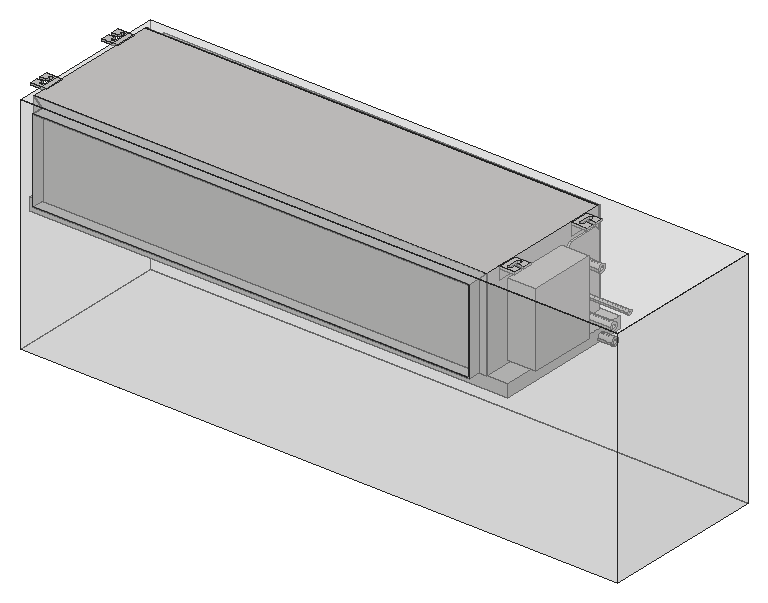
Revit family "outputfile", category 機械設備, Revit 2024
Family settings
  丸型コネクタ寸法 = 半径を使用
  パーツ タイプ = 標準
  OmniClass 番号 = 23.75.10.24.21.27.27
  OmniClass タイトル = Split System Air Conditioning Units
  作業面ベース = いいえ
  常に垂直 = はい
  ロード時にボイドで切り取り = いいえ
  注釈の向きを維持 = いいえ
  共有 = いいえ
  部屋計算ポイント = はい
Parameters (values of type "FDMRN60AXVL")
  Description = ""
  書き出し IFC クラス(タイプ) = "IfcUnitaryEquipmentType"
  定義済み IFC タイプ(タイプ) = "AIRCONDITIONINGUNIT"
  Cost = 0
  Type Comments = ""
  Keynote = ""
  Type Image = (empty or 0)
  Assembly Code = ""
  switch_unit1_50/60 = yes
  switch_frequency = yes
  lw_mountinghole = 19.5 mm  # constant formula
  lw_Supply Duct = if(or(Width = 1115 mm, Width = 999 mm), 0 mm, 20.5 mm)  # 20.5 mm
  lh_controlbox = if(or(Width = 1115 mm, Width = 999 mm), 44.5 mm, 39 mm)  # 39 mm
  lh_Supply Duct = if(or(Width = 1115 mm, Width = 999 mm), 242.5 mm, 136.5 mm)  # 136.5 mm
  lh_Return Duct = if(or(Width = 1115 mm, Width = 999 mm), 202.5 mm, 136.5 mm)  # 136.5 mm
  ld_mountinghole = if(or(Width = 1115 mm, Width = 999 mm), 128.5 mm, 112.5 mm)  # 112.5 mm
  ld_controlbox = if(or(Width = 1115 mm, Width = 999 mm), 176 mm, 93 mm)  # 93 mm
  l_powersupply = h_controlbox / 2  # 92.5 mm
  l_liquidpipe = if(or(Width = 1115 mm, Width = 999 mm), 22 mm, 122 mm)  # 122 mm
  l_gaspipe = if(or(Width = 1115 mm, Width = 999 mm), 39 mm, 52 mm)  # 52 mm
  l_drainpipe = if(or(Width = 1115 mm, Width = 999 mm), 39 mm, 85 mm)  # 85 mm
  w_controlbox = if(or(Width = 1115 mm, Width = 999 mm), 71 mm, 72 mm)  # 72 mm
  l_Supply Duct = if(or(Width = 1115 mm, Width = 999 mm), 39 mm, 30 mm)  # 30 mm
  l_Return Duct = if(or(Width = 1115 mm, Width = 999 mm), 40 mm, 30 mm)  # 30 mm
  h_controlbox = if(or(Width = 1115 mm, Width = 999 mm), 304 mm, 185 mm)  # 185 mm
  d2 = if(or(Width = 1115 mm, Width = 999 mm), 240.5 mm, 175.5 mm)  # 175.5 mm
  connector_voltage = 230 V
  connector_powerinput = [Power Input (Cooling)]  # 2.400 kW
  connector_phase = 1
  d_controlbox = if(or(Width = 1115 mm, Width = 999 mm), 119.5 mm, 168 mm)  # 168 mm
  W2 = if(Width = 1115 mm, 1055 mm, if(Width = 999 mm, 939 mm, if(Width = 1200 mm, 1200 mm, 1065 mm)))  # 1200 mm
  W1 = if(Width = 1115 mm, 516.5 mm, if(Width = 999 mm, 458.5 mm, if(Width = 1200 mm, 589 mm, 521.5 mm)))  # 589 mm
  W = if(Width = 1115 mm, 527.5 mm, if(Width = 999 mm, 469.5 mm, if(Width = 1200 mm, 600 mm, 532.5 mm)))  # 600 mm
  Voltage_comment_60Hz = "220"
  Voltage_60Hz = 220 V
  URL = ""
  Supply Air Direction [instance] = yes
  製造元 = "Daikin"
  モデル = "FDMRN60AXVL"
  r_Liquid Pipe Size = Liquid Pipe Size / 2  # 3.2 mm
  r_Gas Pipe Size = Gas Pipe Size / 2  # 7.95 mm
  r_Drain Pipe Size = Drain Pipe Size / 2  # 9.5 mm
  lw_powersupply = if(or(Width = 1115 mm, Width = 999 mm), C - W1 + 40 mm, C - W1 + 39 mm)  # 587 mm
  lw_Return Duct = if(or(Width = 1115 mm, Width = 999 mm), 0 mm, 20.5 mm)  # 20.5 mm
  ld_powersupply = if(or(Width = 1115 mm, Width = 999 mm), 73 mm, 46.5 mm)  # 46.5 mm
  Sound Power Level_H speed (dB) = 0
  Phase_60Hz = 1
  Minimum External Static Pressure = 0.00 Pa
  Minimum Circuit Amps_60Hz = 0.0 A
  Maximum Fuse Amps_60Hz = 0.0 A
  Maximum External Static Pressure = 0.00 Pa
  Material_Casing = DAIKIN_GalvanizedSteel_Casing_indoorunit
  lw_liquidpipe = C - W1 + l_liquidpipe  # 670 mm
  lw_gaspipe = C - W1 + l_gaspipe  # 600 mm
  lw_mountinghole_pitch = if(Width = 1115 mm, 1072 mm, if(Width = 999 mm, 956 mm, if(Width = 1200 mm, 1176 mm, 1041 mm)))  # 1176 mm
  lw_drainpipe = C - W1 + l_drainpipe  # 633 mm
  lh_powersupply = lh_controlbox + h_controlbox / 2  # 131.5 mm
  lh_liquidpipe = if(or(Width = 1115 mm, Width = 999 mm), 220 mm, 87 mm)  # 87 mm
  lh_gaspipe = if(or(Width = 1115 mm, Width = 999 mm), 160 mm, 161 mm)  # 161 mm
  lh_mountinghole = if(or(Width = 1115 mm, Width = 999 mm), 376 mm, 261 mm)  # 261 mm
  lh_drainpipe = if(or(Width = 1115 mm, Width = 999 mm), 33 mm, 43.5 mm)  # 43.5 mm
  l_antena = Height + 1 mm - lh_mountinghole  # 1 mm
  ld_liquidpipe = if(or(Width = 1115 mm, Width = 999 mm), 85 mm, 121 mm)  # 121 mm
  ld_gaspipe = if(or(Width = 1115 mm, Width = 999 mm), 85 mm, 121 mm)  # 121 mm
  ld_mountinghole_pitch = if(or(Width = 1115 mm, Width = 999 mm), 256 mm, 225 mm)  # 225 mm
  ld_drainpipe = if(or(Width = 1115 mm, Width = 999 mm), 105 mm, 117.005 mm)  # 117.005 mm
  h*** = 0 mm  # constant formula
  Width = 1200 mm
  Version = "ver.1.0"
  Unit Type = "Duct"
  Unit Mass Weight = 26.00 kg
  Unit Designation [instance] = ""
  Uniclass2015Version = "Products v1.30"
  Uniclass2015Title = "Split coil room air conditioning units"
  Uniclass2015Code = "Pr_70_65_03_86"
  Total Cooling Capacity [instance] = 0.000 kW
  Sound Pressure Level_M speed (dBA) = 40
  Sound Pressure Level_L speed (dBA) = 39
  Sound Pressure Level_H speed (dBA) = 42
  Series = "SkyAir_Fan Coil Unit"
  Sensible Cooling Capacity [instance] = 0.000 kW
  SA Duct Size Width = 1097 mm
  SA Duct Size Height = 211 mm
  Refrigerant Type = "R410A"
  RA Duct Size Width = 1097 mm
  RA Duct Size Height = 211 mm
  Power Input (Cooling) = 2.400 kW
  Option Accessory 3 [instance] = ""
  Option Accessory 2 [instance] = ""
  Option Accessory 1 [instance] = ""
  Nominal Cooling Capacity = 6.890 kW
  Minimum Airflow = 748.00 m³/h
  Median Airflow = 985.00 m³/h
  Maximum Airflow = 1172.00 m³/h
  Load Classification = HVAC
  Liquid Pipe Size = 6.4 mm
  Link_Nested Family [instance] = ""
  Liquid Pipe_r1 = if(or(Width = 1115 mm, Width = 999 mm), 4.675 mm, 3.175 mm)  # 3.175 mm
  Liquid Pipe_r = if(or(Width = 1115 mm, Width = 999 mm), 6.5 mm, 5 mm)  # 5 mm
  J = if(or(Width = 1115 mm, Width = 999 mm), 462 mm, 351 mm)  # 351 mm
  IfcVersion = ""
  IfcExportType = "AIRCONDITIONINGUNIT"
  IfcExportAs = "IfcUnitaryEquipmentType"
  Height = 261 mm
  Heat Exchanger Type = "Cross Fin Coil"
  Gas Pipe Size = 15.9 mm
  Frequency_60Hz = 60 Hz
  Fan Type = "Sirocco Fan"
  Fan Drive = "-"
  FCU Tag No. [instance] = ""
  Drain Pipe Size = 19.0 mm
  Design Supply Airflow [instance] = 0.00 m³/h
  Design Return Airflow [instance] = 0.00 m³/h
  Design External Static Pressure [instance] = 0.00 Pa
  Depth = 411 mm
  既定の高さ = 0 mm
  d1 = if(or(Width = 1115 mm, Width = 999 mm), 231.5 mm, 175.5 mm)  # 175.5 mm
  D2 = if(or(Width = 1115 mm, Width = 999 mm), 484 mm, 351 mm)  # 351 mm
  Cooling Entering Wet Bulb Temperature [instance] = 0.00 °C
  Cooling Entering Dry Bulb Temperature [instance] = 0.00 °C
  Cooling Ambient Wet Bulb Temperature [instance] = 0.00 °C
  Cooling Ambient Dry Bulb Temperature [instance] = 0.00 °C
  Clearance visibility [instance] = yes
  Clearance Top = 0 mm
  Clearance Right = 300 mm
  Clearance Rear = 0 mm
  Clearance Left = 0 mm
  Clearance Front = 0 mm
  Clearance Bottom = 300 mm
  C = if(Width = 1115 mm, 1033 mm, if(Width = 999 mm, 917 mm, if(Width = 1200 mm, 1137 mm, 1002 mm)))  # 1137 mm
  A = if(or(Width = 1115 mm, Width = 999 mm), 36 mm, 31 mm)  # 31 mm
  switch_unit2_71/100 = not([switch_unit1_50/60])  # no
Reference planes
  plane 1 "Center (Front/Back)": y = 0
  plane 2: z = 0
  plane 3 "Center (Left/Right)": x = 0
  plane 4 "Back": y = 205.5
  plane 5 "Front": y = -205.5
  plane 6 "Left": x = -600
  plane 7 "Right": x = 600
  plane 8 "Top": z = 0
  plane 9 "Bottom": z = -261
  plane 10 "lh_liquidpipe": z = -174
  plane 11 "lh_gaspipe": z = -100
  plane 12 "lw_mountinghole": x = -608.5
  plane 13 "lw_mountinghole3": x = 567.5
  plane 14 "lw_liquidpipe": x = 670
  plane 15 "lw_gaspipe": x = 600
  plane 16 "lh_mountinghole": z = 0
  plane 17 "Clearance Left": x = -600
  plane 18 "Clearance Right": x = 900
  plane 19 "Clearance Rear": y = 205.5
  plane 20 "Clearance Front": y = -205.5
  plane 21 "Clearance Bottom": z = -561
  plane 22 "lh_drainpipe": z = -217.5
  plane 23 "ld_gaspipe": y = 121
  plane 24 "ld_liquidpipe": y = 121
  plane 25 "ld_drainpipe": y = 117.005
  plane 26 "lw_drainpipe": x = 633
  plane 27 "ld_mountinghole1": y = 112.5
  plane 28 "ld_mountinghole": y = -112.5
  plane 29 "Clearance Top": z = 0
  plane 30 "lh_powersupply": z = -129.5
  plane 31 "ld_powersupply": y = -46.5
  plane 32 "箱_L": x = -589
  plane 33 "箱_R": x = 548
  plane 34 "箱_F": y = -175.5
  plane 35 "箱_後": y = 175.5
  plane 36 "A": z = -230
  plane 37: x = 600
  plane 38: y = -175.5
  plane 39: y = 175.5
  plane 40: y = 55.5
  plane 41: y = -112.5
  plane 42 "lh_box": z = -222
  plane 43 "lh_box1": z = -37
  plane 44 "l-box": x = 620
  plane 45 "lw_Supply Duct": x = -20.5
  plane 46 "lw_Return Duct": x = -20.5
  plane 47 "lh_Supply Duct": z = -124.5
  plane 48 "lh_Return Duct": z = -124.5
  plane 49 "lw_powersupply": x = 587
Forms (mm)
  Extrusion 1, solid, material "DAIKIN_GalvanizedSteel_Casing_indoorunit" <- "Material_Casing"
    sketch origin (0, 0, -230) x (-1, 0, 0) y (0, -1, 0)
      loop
        line (589, -175.5) -> (589, 175.5) -> (-548, 175.5) -> (-548, -175.5) -> (589, -175.5)
    from 0 to 230
  Extrusion 2, solid, material "DAIKIN_GalvanizedSteel_Casing_indoorunit" <- "Material_Casing"
    sketch origin (0, 0, -261) x (-1, 0, 0) y (0, -1, 0)
      loop
        line (600, -175.5) -> (600, 175.5) -> (-600, 175.5) -> (-600, -175.5) -> (600, -175.5)
    from 0 to 31
  Extrusion 3, solid, material "DAIKIN_GalvanizedSteel_Casing_indoorunit" <- "Material_Casing"
    sketch origin (0, 0, -222) x (-1, 0, 0) y (0, -1, 0)
      loop
        line (-548, -55.5) -> (-548, 112.5) -> (-620, 112.5) -> (-620, -55.5) -> (-548, -55.5)
    from 0 to 185
  Extrusion 4, solid, material "DAIKIN_GalvanizedSteel_Casing_indoorunit"
    sketch origin (548, 1296.25, 1200) x (0, 1, 0) y (0, 0, 1)
      loop
        circle (-1179.245, -1417.5) r 9.5
      loop
        circle (-1179.245, -1417.5) r 6.5
    from 0 to 85 <- "l_drainpipe"
  Extrusion 5, solid, material "DAIKIN_GalvanizedSteel_Casing_indoorunit" <- "Material_Casing"
    sketch origin (548, 1296.25, 1200) x (0, 1, 0) y (0, 0, 1)
      loop
        circle (-1175.25, -1300) r 9.95
      loop
        circle (-1175.25, -1300) r 6.35
    from 0 to 52 <- "l_gaspipe"
  Extrusion 6, solid, material "DAIKIN_GalvanizedSteel_Casing_indoorunit" <- "Material_Casing"
    sketch origin (548, 1296.25, 1200) x (0, 1, 0) y (0, 0, 1)
      loop
        circle (-1175.25, -1374) r 5
      loop
        circle (-1175.25, -1374) r 3.175
    from 0 to 122 <- "l_liquidpipe"
  Extrusion 7, solid, material "DAIKIN_GalvanizedSteel_Casing_indoorunit" <- "Material_Casing", visible <- "switch_unit2_71/100"
    sketch origin (548, 1296.25, 1200) x (0, 1, 0) y (0, 0, 1)
      loop
        arc (-1231.25, -1301) -> (-1211.25, -1321) -> (-1191.25, -1301) r 20
        line (-1191.25, -1301) -> (-1191.25, -1241)
        arc (-1191.25, -1241) -> (-1211.25, -1221) -> (-1231.25, -1241) r 20
        line (-1231.25, -1241) -> (-1231.25, -1301)
    from 0 to 0.8
  Extrusion 8, solid, material "DAIKIN_GalvanizedSteel_Casing_indoorunit" <- "Material_Casing", visible <- "switch_unit1_50/60"
    sketch origin (548, 1296.25, 1200) x (0, 1, 0) y (0, 0, 1)
      loop
        line (-1213.75, -1239) -> (-1223.75, -1249) -> (-1223.75, -1430) -> (-1188.75, -1430) -> (-1188.75, -1417.5)
        arc (-1188.75, -1417.5) -> (-1179.25, -1408) -> (-1169.75, -1417.5) r 9.5
        line (-1169.75, -1417.5) -> (-1169.75, -1430) -> (-1128.75, -1430) -> (-1128.75, -1249) -> (-1138.75, -1239) -> (-1213.75, -1239)
    from 0 to 7
  Extrusion 9, solid, material "DAIKIN_GalvanizedSteel_Casing_indoorunit" <- "Material_Casing", visible <- "switch_unit2_71/100"
    sketch origin (548, 1296.25, 1200) x (0, 1, 0) y (0, 0, 1)
      loop
        arc (-1144.75, -1094.5) -> (-1151.822, -1097.429) -> (-1154.75, -1104.5) r 10
        line (-1154.75, -1104.5) -> (-1154.75, -1164.5) -> (-1161.75, -1164.5) -> (-1161.75, -1194.5) -> (-1154.75, -1194.5) -> (-1154.75, -1329.5) -> (-1161.75, -1329.5) -> (-1161.75, -1359.5) -> (-1154.75, -1359.5) -> (-1154.75, -1413.5)
        arc (-1154.75, -1413.5) -> (-1151.822, -1420.571) -> (-1144.75, -1423.5) r 10
        line (-1144.75, -1423.5) -> (-1134.75, -1423.5)
        arc (-1134.75, -1423.5) -> (-1127.679, -1420.571) -> (-1124.75, -1413.5) r 10
        line (-1124.75, -1413.5) -> (-1124.75, -1104.5)
        arc (-1124.75, -1104.5) -> (-1127.679, -1097.429) -> (-1134.75, -1094.5) r 10
        line (-1134.75, -1094.5) -> (-1144.75, -1094.5)
    from 0 to 0.8
  Extrusion 10, solid, material "DAIKIN_GalvanizedSteel_Casing_indoorunit" <- "Material_Casing", visible <- "switch_unit1_50/60"
    sketch origin (600, 175.5, -261) x (0, -1, 0) y (0, 0, -1)
      loop
        circle (59.496, -11) r 9.5
      loop
        circle (59.496, -11) r 6.5
    from 0 to 37
  Extrusion 11, solid, material "DAIKIN_GalvanizedSteel_Casing_indoorunit" <- "Material_Casing", visible <- "switch_unit2_71/100"
    sketch origin (600, 175.5, -261) x (0, -1, 0) y (0, 0, -1)
      loop
        circle (130.5, -11) r 9.5
      loop
        circle (130.5, -11) r 6.5
    from 0 to 31
Dimensions and locks
  "Height": plane 8 "Top" to plane 9 "Bottom"
  "lw_mountinghole_pitch": plane 12 "lw_mountinghole" to plane 13 "lw_mountinghole3"
  "lh_liquidpipe": plane 10 "lh_liquidpipe" to plane 9 "Bottom"
  "lh_gaspipe": plane 11 "lh_gaspipe" to plane 9 "Bottom"
  "lh_mountinghole": plane 16 "lh_mountinghole" to plane 9 "Bottom"
  "Width": plane 6 "Left" to plane 7 "Right"
  "Clearance Right": plane 7 "Right" to plane 18 "Clearance Right"
  "Clearance Left": plane 17 "Clearance Left" to plane 6 "Left"
  "Clearance Rear": plane 19 "Clearance Rear" to plane 4 "Back"
  "Clearance Front": plane 5 "Front" to plane 20 "Clearance Front"
  "Depth": plane 4 "Back" to plane 5 "Front"
  equal spacing: plane 4 "Back", plane 1 "Center (Front/Back)", plane 5 "Front"
  "ld_mountinghole_pitch": plane 27 "ld_mountinghole1" to plane 28 "ld_mountinghole"
  "lw_liquidpipe": plane 3 "Center (Left/Right)" to plane 14 "lw_liquidpipe"
  "lw_gaspipe": plane 3 "Center (Left/Right)" to plane 15 "lw_gaspipe"
  "lw_drainpipe": plane 3 "Center (Left/Right)" to plane 26 "lw_drainpipe"
  "lh_drainpipe": plane 22 "lh_drainpipe" to plane 9 "Bottom"
  "Clearance Top": plane 29 "Clearance Top" to plane 8 "Top"
  "Clearance Bottom": plane 9 "Bottom" to plane 21 "Clearance Bottom"
  "lh_powersupply": plane 30 "lh_powersupply" to plane 9 "Bottom"
  "lw_mountinghole": plane 12 "lw_mountinghole" to plane 32 "箱_L"
  "W": plane 6 "Left" to plane 3 "Center (Left/Right)"
  "W1": plane 32 "箱_L" to plane 3 "Center (Left/Right)"
  "C": plane 32 "箱_L" to plane 33 "箱_R"
  "d1": plane 34 "箱_F" to plane 1 "Center (Front/Back)"
  "J": plane 35 "箱_後" to plane 34 "箱_F"
  "A": plane 36 "A" to plane 9 "Bottom"
  "D2": plane 39 to plane 38
  "W2": plane 6 "Left" to plane 37
  "d2": plane 1 "Center (Front/Back)" to plane 38
  "d_controlbox": plane 40 to plane 41
  "ld_controlbox": plane 41 to plane 5 "Front"
  "h_controlbox": plane 43 "lh_box1" to plane 42 "lh_box"
  "lh_controlbox": plane 42 "lh_box" to plane 9 "Bottom"
  "ld_drainpipe": plane 25 "ld_drainpipe" to plane 1 "Center (Front/Back)"
  "ld_gaspipe": plane 23 "ld_gaspipe" to plane 1 "Center (Front/Back)"
  "ld_liquidpipe": plane 1 "Center (Front/Back)" to plane 24 "ld_liquidpipe"
  plane 1 "Center (Front/Back)" to Extrusion 7 sketch curve to Extrusion 7 sketch curve = 65 mm locked, 40 mm locked
  Extrusion 7 sketch curve to Extrusion 7 sketch curve to plane 9 "Bottom" = 60 mm locked, 160 mm locked
  locked: Extrusion 8 sketch curve to plane 35 "箱_後" at 8
  locked: Extrusion 8 sketch curve to Extrusion 8 sketch curve at 95
  locked: Extrusion 8 sketch curve to Extrusion 8 sketch curve at 191
  locked: Extrusion 8 sketch curve to Extrusion 8 sketch curve at 10  (x4)
  locked: Extrusion 8 sketch curve to Extrusion 8 sketch curve at 19
  locked: Extrusion 8 sketch curve to plane 9 "Bottom" at 31
  locked: Extrusion 8 sketch curve to plane 9 "Bottom" at 43.5
  locked: Extrusion 8 sketch curve to Extrusion 8 sketch curve at 50.5
  locked: Extrusion 9 sketch curve to Extrusion 9 sketch curve at 30  (x2)
  locked: Extrusion 9 sketch curve to Extrusion 9 sketch curve at 64
  locked: Extrusion 9 sketch curve to Extrusion 9 sketch curve at 70
  locked: Extrusion 9 sketch curve to Extrusion 9 sketch curve at 329
  Extrusion 9 sketch curve to Extrusion 9 sketch curve to Extrusion 9 sketch curve = 7 mm locked, 30 mm locked
  locked: Extrusion 9 sketch curve to plane 35 "箱_後" at 4
  locked: Extrusion 9 sketch curve to plane 9 "Bottom" at 37.5
  "w_controlbox": plane 33 "箱_R" to plane 44 "l-box"
  "h***": plane 8 "Top" to plane 2
  "ld_mountinghole": plane 28 "ld_mountinghole" to plane 1 "Center (Front/Back)"
  "lw_Supply Duct": plane 46 "lw_Return Duct" to plane 3 "Center (Left/Right)"
  "lw_Return Duct": plane 45 "lw_Supply Duct" to plane 3 "Center (Left/Right)"
  "lh_Supply Duct": plane 47 "lh_Supply Duct" to plane 9 "Bottom"
  "lh_Return Duct": plane 48 "lh_Return Duct" to plane 9 "Bottom"
  "ld_powersupply": plane 1 "Center (Front/Back)" to plane 31 "ld_powersupply"
  locked: Extrusion 10 sketch curve to plane 9 "Bottom" at 11  (x2)
  locked: plane 1 "Center (Front/Back)" to Extrusion 10 sketch curve at 116.004  (x2)
  locked: plane 1 "Center (Front/Back)" to Extrusion 11 sketch curve at 45  (x2)
  locked: Extrusion 11 sketch curve to plane 9 "Bottom" at 11  (x2)
  "lw_powersupply": plane 3 "Center (Left/Right)" to plane 49 "lw_powersupply"
  "Liquid Pipe_r": radius of Extrusion 6 sketch curve
  "Liquid Pipe_r1": radius of Extrusion 6 sketch curve
  radius of Extrusion 9 sketch curve = 10 mm  (x4)
  aligned and locked: level to plane 2
  aligned and locked: plane 19 "Clearance Rear" to nested 1
  aligned and locked: plane 18 "Clearance Right" to nested 1
  aligned and locked: plane 17 "Clearance Left" to nested 1
  aligned and locked: nested 1 to plane 20 "Clearance Front"
  aligned and locked: plane 29 "Clearance Top" to nested 1
  aligned and locked: nested 1 to plane 21 "Clearance Bottom"
  aligned and locked: plane 32 "箱_L" to Extrusion 1 sketch curve
  aligned and locked: Extrusion 1 sketch curve to plane 33 "箱_R"
  aligned and locked: plane 34 "箱_F" to Extrusion 1 sketch curve
  aligned and locked: Extrusion 1 sketch curve to plane 35 "箱_後"
  aligned and locked: Extrusion 1 to plane 36 "A"
  aligned and locked: plane 8 "Top" to Extrusion 1
  aligned and locked: plane 6 "Left" to Extrusion 2 sketch curve
  aligned and locked: Extrusion 2 sketch curve to plane 37
  aligned and locked: Extrusion 2 sketch curve to plane 39
  aligned and locked: plane 38 to Extrusion 2 sketch curve
  aligned and locked: Extrusion 2 to plane 9 "Bottom"
  aligned and locked: plane 36 "A" to Extrusion 2
  aligned and locked: plane 12 "lw_mountinghole" to nested 3
  aligned and locked: plane 12 "lw_mountinghole" to nested 2
  aligned and locked: nested 4 to plane 13 "lw_mountinghole3"
  aligned and locked: nested 5 to plane 13 "lw_mountinghole3"
  aligned and locked: plane 27 "ld_mountinghole1" to nested 5
  aligned and locked: nested 2 to plane 27 "ld_mountinghole1"
  aligned and locked: plane 28 "ld_mountinghole" to nested 4
  aligned and locked: nested 3 to plane 28 "ld_mountinghole"
  aligned and locked: plane 33 "箱_R" to Extrusion 3 sketch curve
  aligned and locked: plane 41 to Extrusion 3 sketch curve
  aligned and locked: Extrusion 3 sketch curve to plane 40
  aligned and locked: Extrusion 3 to plane 42 "lh_box"
  aligned and locked: plane 43 "lh_box1" to Extrusion 3
  aligned and locked: plane 16 "lh_mountinghole" to nested 4
  aligned and locked: plane 16 "lh_mountinghole" to nested 5
  aligned and locked: plane 16 "lh_mountinghole" to nested 3
  aligned and locked: plane 16 "lh_mountinghole" to nested 2
  aligned and locked: plane 22 "lh_drainpipe" to Extrusion 4 sketch curve  (x2)
  aligned and locked: Extrusion 4 sketch curve to plane 25 "ld_drainpipe"  (x2)
  aligned and locked: Extrusion 5 sketch curve to plane 11 "lh_gaspipe"  (x2)
  aligned and locked: Extrusion 5 sketch curve to plane 23 "ld_gaspipe"  (x2)
  aligned and locked: Extrusion 5 to plane 33 "箱_R"
  aligned and locked: Extrusion 6 sketch curve to plane 10 "lh_liquidpipe"  (x2)
  aligned and locked: Extrusion 6 sketch curve to plane 24 "ld_liquidpipe"  (x2)
  aligned and locked: Extrusion 8 sketch curve to Extrusion 8 sketch curve
  aligned and locked: plane 3 "Center (Left/Right)" to nested 6
  aligned and locked: nested 6 to plane 34 "箱_F"
  aligned and locked: plane 9 "Bottom" to nested 6
  aligned and locked: plane 3 "Center (Left/Right)" to nested 7
  aligned and locked: nested 7 to plane 35 "箱_後"
  aligned and locked: plane 9 "Bottom" to nested 7
  aligned and locked: Extrusion 9 sketch curve to Extrusion 9 sketch curve  (x3)
  aligned and locked: Extrusion 3 sketch curve to plane 44 "l-box"
  aligned and locked: nested 8 to plane 34 "箱_F"
  aligned and locked: plane 45 "lw_Supply Duct" to nested 8
  aligned and locked: plane 47 "lh_Supply Duct" to nested 8
  aligned and locked: plane 35 "箱_後" to nested 9
  aligned and locked: nested 9 to plane 46 "lw_Return Duct"
  aligned and locked: plane 24 "ld_liquidpipe" to nested 10
  aligned and locked: plane 3 "Center (Left/Right)" to nested 10
  aligned and locked: plane 3 "Center (Left/Right)" to nested 11
  aligned and locked: plane 23 "ld_gaspipe" to nested 11
  aligned and locked: plane 3 "Center (Left/Right)" to nested 12
  aligned and locked: plane 25 "ld_drainpipe" to nested 12
  aligned and locked: nested 13 to plane 28 "ld_mountinghole"
  aligned and locked: nested 14 to plane 28 "ld_mountinghole"
  aligned and locked: nested 16 to plane 27 "ld_mountinghole1"
  aligned and locked: nested 15 to plane 27 "ld_mountinghole1"
  aligned and locked: plane 12 "lw_mountinghole" to nested 13
  aligned and locked: plane 12 "lw_mountinghole" to nested 15
  aligned and locked: plane 13 "lw_mountinghole3" to nested 14
  aligned and locked: plane 13 "lw_mountinghole3" to nested 16
  aligned and locked: plane 3 "Center (Left/Right)" to nested 17
  aligned and locked: nested 18 to plane 31 "ld_powersupply"
  aligned and locked: plane 49 "lw_powersupply" to nested 18
Automatic sketch dimensions
  radius of Extrusion 5 sketch curve = 9.95 mm
  radius of Extrusion 5 sketch curve = 6.35 mm
  radius of Extrusion 4 sketch curve = 9.5 mm
  radius of Extrusion 4 sketch curve = 6.5 mm
  radius of Extrusion 10 sketch curve = 9.5 mm
  radius of Extrusion 10 sketch curve = 6.5 mm
  radius of Extrusion 11 sketch curve = 9.5 mm
  radius of Extrusion 11 sketch curve = 6.5 mm
Nested families
  nested 1: "daikin_clearancespace" at (150, 0, -280.381), visible <- "Clearance visibility", show <- "Clearance visibility", Link_Nested Family <- "Link_Nested Family", type "daikin_clearancespace"
    with width 1500 mm, show yes, height 561 mm, depth 411 mm, Link_Nested Family ""
  nested 2: "daikin_hangerfixture_FDMRN-AXVL" at (-608.5, 112.5, 0), type "daikin_hangerfixture_FDMRN-AXVL"
    with width 1200 mm
  nested 3: "daikin_hangerfixture_FDMRN-AXVL" at (-608.5, -112.5, 0), type "daikin_hangerfixture_FDMRN-AXVL"
    with width 1200 mm
  nested 4: "daikin_hangerfixture_FDMRN-AXVL" at (567.5, -112.5, 0) x (-1, 0, 0) z (0, 0, 1), type "daikin_hangerfixture_FDMRN-AXVL"
    with width 1200 mm
  nested 5: "daikin_hangerfixture_FDMRN-AXVL" at (567.5, 112.5, 0) x (-1, 0, 0) z (0, 0, 1), type "daikin_hangerfixture_FDMRN-AXVL"
    with width 1200 mm
  nested 6: "daikin_Supply Ductflange_FDMRN-AXVL" at (0, -175.5, -450.401), material <- "Material_Casing", type "daikin_Supply Ductflange_FDMRN-AXVL"
    with material DAIKIN_GalvanizedSteel_Casing_indoorunit, W1 589 mm, C 1137 mm
  nested 7: "daikin_Return Ductflange_FDMRN-AXVL" at (0, 175.5, -450.401), material <- "Material_Casing", type "daikin_Return Ductflange_FDMRN-AXVL"
    with material DAIKIN_GalvanizedSteel_Casing_indoorunit, W1 589 mm, C 1137 mm
  nested 8: "daikin_connector_rotate2" at (-20.5, -175.5, -124.5), length <- "l_Supply Duct", type "daikin_connector_rotate2"
    with radius 10 mm, length 30 mm, angle_vertical 90.00°, show_face no
  nested 9: "daikin_connector_rotate2" at (-20.5, 175.5, -124.5) x (-1, 0, 0) z (0, 0, 1), length <- "l_Return Duct", type "daikin_connector_rotate2"
    with radius 10 mm, length 30 mm, angle_vertical 90.00°, show_face no
  nested 10: "daikin_connector_rotate2" at (0, 121, -174) x (0, 1, 0) z (0, 0, 1), radius <- "r_Liquid Pipe Size", length <- "lw_liquidpipe", type "daikin_connector_rotate2"
    with radius 3.2 mm, length 670 mm, angle_vertical 90.00°, show_face no
  nested 11: "daikin_connector_rotate2" at (0, 121, -100) x (0, 1, 0) z (0, 0, 1), length <- "lw_gaspipe", radius <- "r_Gas Pipe Size", type "daikin_connector_rotate2"
    with radius 7.95 mm, length 600 mm, angle_vertical 90.00°, show_face no
  nested 12: "daikin_connector_rotate2" at (0, 117.005, -217.5) x (0, 1, 0) z (0, 0, 1), length <- "lw_drainpipe", radius <- "r_Drain Pipe Size", type "daikin_connector_rotate2"
    with radius 9.5 mm, length 633 mm, angle_vertical 90.00°, show_face no
  nested 13: "daikin_mountinghole" at (-608.5, -112.5, -261), Link_Nested Family <- "Link_Nested Family", h_mountinghole <- "lh_mountinghole", l_antenna <- "l_antena", type "daikin_mountinghole"
    with show yes, l_antenna 1 mm, h_mountinghole 261 mm, Link_Nested Family ""
  nested 14: "daikin_mountinghole" at (567.5, -112.5, -261), Link_Nested Family <- "Link_Nested Family", h_mountinghole <- "lh_mountinghole", l_antenna <- "l_antena", type "daikin_mountinghole"
    with show yes, l_antenna 1 mm, h_mountinghole 261 mm, Link_Nested Family ""
  nested 15: "daikin_mountinghole" at (-608.5, 112.5, -261), Link_Nested Family <- "Link_Nested Family", h_mountinghole <- "lh_mountinghole", l_antenna <- "l_antena", type "daikin_mountinghole"
    with show yes, l_antenna 1 mm, h_mountinghole 261 mm, Link_Nested Family ""
  nested 16: "daikin_mountinghole" at (567.5, 112.5, -261), Link_Nested Family <- "Link_Nested Family", h_mountinghole <- "lh_mountinghole", l_antenna <- "l_antena", type "daikin_mountinghole"
    with show yes, l_antenna 1 mm, h_mountinghole 261 mm, Link_Nested Family ""
  nested 17: "daikin_△_symbolicline" at (0, 0, 261) x (-1, 0, 0) z (0, 0, 1), built-in parameter 1001364 <- "Height", visible <- "Supply Air Direction", type "daikin_△_symbolicline"
    with length 150 mm
  nested 18: "daikin_connector_rotate2" at (587, -46.5, -129.5), length <- "l_powersupply", type "daikin_connector_rotate2"
    with radius 10 mm, length 92.5 mm, angle_vertical 180.00°, show_face no
Connectors
  hvac at (-20.5, -205.5, -124.5), driven by "SA Duct Size Height", driven by "SA Duct Size Width"
    settings: on nested 8, index 1, duct flow 0.00 m³/h, flow factor 0, pres drop 0.00 Pa, loss coef 0, conn angle 0.00°, conn width 1097.0 mm, conn height 211.0 mm, conn diameter 609.6 mm, duct sys type 1, conn prof type 1, flow config 0, flow direction 2, loss method 4, conn ref index -1, conn util no, is conn primary yes, conn desc "SA Duct"
  hvac at (-20.5, 205.5, -124.5), driven by "RA Duct Size Height", driven by "RA Duct Size Width"
    settings: on nested 9, index 2, duct flow 0.00 m³/h, flow factor 0, pres drop 0.00 Pa, loss coef 0, conn angle 0.00°, conn width 1097.0 mm, conn height 211.0 mm, conn diameter 609.6 mm, duct sys type 2, conn prof type 1, flow config 0, flow direction 1, loss method 4, conn ref index -1, conn util no, is conn primary no, conn desc "RA Duct"
  piping at (670, 121, -174), diameter 6.4, driven by "r_Liquid Pipe Size"
    settings: on Extrusion 6, index 3, connector inside diameter 609.6 mm, connector length 0 mm, flow factor 0, pipe flow 0.00 m³/h, pressure drop 0.0 Pa, fitting loss kfactor 0, connector angle 0.00°, fixture units 0, engagement length 0 mm, angle of deflection 0.00°, flow configuration 1, flow direction 1, fitting loss method 0, system type 29, joint type 0, gender type 0, connector reference index -1, connector utility 0, adjustable connector no, is connector primary yes, connector description "Refrigerant Liquid Piping"
  piping at (600, 121, -100), diameter 15.9, driven by "r_Gas Pipe Size"
    settings: on nested 11, index 4, connector inside diameter 609.6 mm, connector length 0 mm, flow factor 0, pipe flow 0.00 m³/h, pressure drop 0.0 Pa, fitting loss kfactor 0, connector angle 0.00°, fixture units 0, engagement length 0 mm, angle of deflection 0.00°, flow configuration 1, flow direction 2, fitting loss method 0, system type 29, joint type 0, gender type 0, connector reference index -1, connector utility 0, adjustable connector no, is connector primary no, connector description "Refrigerant Gas Piping"
  piping at (633, 117.005, -217.5), diameter 19, driven by "r_Drain Pipe Size"
    settings: on nested 12, index 5, connector inside diameter 609.6 mm, connector length 0 mm, flow factor 0, pipe flow 0.00 m³/h, pressure drop 0.0 Pa, fitting loss kfactor 0, connector angle 0.00°, fixture units 0, engagement length 0 mm, angle of deflection 0.00°, flow configuration 1, flow direction 2, fitting loss method 4, system type 16, joint type 0, gender type 0, connector reference index -1, connector utility 0, adjustable connector no, is connector primary no, connector description "Condensate Drain Piping"
  electrical at (587, -46.5, -37), driven by "connector_phase", driven by "Load Classification", driven by "connector_voltage", driven by "connector_powerinput"
    settings: on nested 18, index 9, voltage 230 V, apparent load 2400 VA, apparent load phase1 0 VA, apparent load phase2 0 VA, apparent load phase3 0 VA, power factor 1, load classification "HVAC", number of poles 1, system type 30, power factor state 1, is connector primary yes, connector utility no, sub classification motor no, connector description "Power Supply"
Definition of nested family "daikin_clearancespace"
  Parameters (values of type "daikin_clearancespace")
    Description = "daikin_clearancespace"
    width [instance] = 1823.963 mm
    show [instance] = yes
    material = none
    height [instance] = 1359.762 mm
    depth [instance] = 880 mm
    Default Elevation = 0 mm
    Link_Nested Family [instance] = ""
  Reference planes
    plane 1 "Center (Front/Back)": y = 0
    plane 2 "Center (Elevation)": z = -0.119
    plane 3 "Center (Left/Right)": x = 0
    plane 4: y = 440
    plane 5: y = -440
    plane 6 "Right": x = 911.982
    plane 7 "Left": x = -911.982
    plane 8 "Top": z = 679.762
    plane 9 "Bottom": z = -680
  Forms (mm)
    Extrusion 1, solid, material <- "material", visible <- "show"
      sketch origin (0, 0, 0) x (1, 0, 0) y (0, 1, 0)
        loop
          line (-911.982, 440) -> (-911.982, -440) -> (911.982, -440) -> (911.982, 440) -> (-911.982, 440)
      from -680 to 679.762
  Lines and regions (mm)
    symbolic lines, visible <- "show"
      curve 1: line (911.982, 440, 0) -> (-911.982, 440, 0)
      curve 2: line (-911.982, 440, 0) -> (-911.982, -440, 0)
      curve 3: line (-911.982, -440, 0) -> (911.982, -440, 0)
      curve 4: line (911.982, -440, 0) -> (911.982, 440, 0)
      curve 5: line (911.982, 0, 679.762) -> (-911.982, 0, 679.762)
      curve 6: line (911.982, 0, -680) -> (911.982, 0, 679.762)
      curve 7: line (-911.982, 0, -680) -> (911.982, 0, -680)
      curve 8: line (-911.982, 0, 679.762) -> (-911.982, 0, -680)
      curve 9: line (0, 440, 679.762) -> (0, -440, 679.762)
      curve 10: line (0, -440, 679.762) -> (0, -440, -680)
      curve 11: line (0, 440, -680) -> (0, 440, 679.762)
      curve 12: line (0, -440, -680) -> (0, 440, -680)
  Dimensions and locks
    "width": plane 7 "Left" to plane 6 "Right"
    "depth": plane 4 to plane 5
    "height": plane 8 "Top" to plane 9 "Bottom"
    equal spacing: plane 7 "Left", plane 3 "Center (Left/Right)", plane 6 "Right"
    equal spacing: plane 4, plane 1 "Center (Front/Back)", plane 5
    equal spacing: plane 8 "Top", plane 2 "Center (Elevation)", plane 9 "Bottom"
    aligned and locked: level to plane 2 "Center (Elevation)"
    aligned and locked: Extrusion 1 sketch curve to plane 4
    aligned and locked: plane 7 "Left" to Extrusion 1 sketch curve
    aligned and locked: Extrusion 1 sketch curve to plane 5
    aligned and locked: Extrusion 1 sketch curve to plane 6 "Right"
    aligned and locked: plane 8 "Top" to Extrusion 1
    aligned and locked: curve 1 to Extrusion 1
    aligned and locked: curve 2 to Extrusion 1
    aligned and locked: curve 3 to Extrusion 1
    aligned and locked: curve 4 to Extrusion 1
    aligned and locked: curve 5 to Extrusion 1
    aligned and locked: curve 6 to Extrusion 1
    aligned and locked: curve 7 to Extrusion 1
    aligned and locked: curve 8 to Extrusion 1
    aligned and locked: curve 9 to Extrusion 1
    aligned and locked: curve 10 to Extrusion 1
    aligned and locked: curve 11 to Extrusion 1
    aligned and locked: curve 12 to Extrusion 1
    aligned and locked: Extrusion 1 to plane 9 "Bottom"
Definition of nested family "daikin_hangerfixture_FDMRN-AXVL"
  Parameters (values of type "daikin_hangerfixture_FDMFC-AV1M")
    width = 1065 mm
    material = none
    height = 65 mm
    depth = 700 mm
    Default Elevation = 0 mm
  Reference planes
    plane 1 "Center (Front/Back)": y = 0
    plane 2: z = 0
    plane 3 "Center (Left/Right)": x = 0
  Forms (mm)
    Extrusion 1, solid, material <- "material"
      sketch origin (0, 0, 0) x (1, 0, 0) y (0, 0, 1)
        loop
          line (-20, 0) -> (-20, -5) -> (17, -5) -> (17, -30) -> (19.5, -30) -> (19.5, 0) -> (-20, 0)
      from -25 to 25
    Extrusion 2, void
      sketch origin (0, 0, 0) x (1, 0, 0) y (0, 1, 0)
        loop
          line (-5, 5) -> (-20, 5) -> (-20, -5) -> (-5, -5) -> (-5, -13)
          arc (-5, -13) -> (0, -18) -> (5, -13) r 5
          line (5, -13) -> (5, 13)
          arc (5, 13) -> (0, 18) -> (-5, 13) r 5
          line (-5, 13) -> (-5, 5)
      from 0 to -5
  Cuts and joins
    Extrusion 2 cuts Extrusion 1
  Dimensions and locks
    locked: Extrusion 1 sketch curve to Extrusion 1 sketch curve at 5
    locked: Extrusion 1 sketch curve to Extrusion 1 sketch curve at 2.5
    locked: Extrusion 1 sketch curve to Extrusion 1 sketch curve at 30
    locked: Extrusion 1 sketch curve to Extrusion 1 sketch curve at 39.5
    Extrusion 1 sketch curve to plane 3 "Center (Left/Right)" = 17 mm
    locked: Extrusion 1 sketch curve to plane 3 "Center (Left/Right)" at 19.5
    Extrusion 2 sketch curve to plane 1 "Center (Front/Back)" to Extrusion 2 sketch curve = 13 mm locked, 13 mm locked
    equal spacing: Extrusion 2 sketch curve, plane 3 "Center (Left/Right)", Extrusion 2 sketch curve
    locked: Extrusion 2 sketch curve to Extrusion 2 sketch curve at 10  (x2)
    equal spacing: Extrusion 2 sketch curve, plane 1 "Center (Front/Back)", Extrusion 2 sketch curve
    aligned and locked: level to plane 2
    aligned and locked: Extrusion 1 sketch curve to plane 2
    aligned and locked: plane 3 "Center (Left/Right)" to Extrusion 2 sketch curve  (x2)
    aligned and locked: Extrusion 1 to Extrusion 2 sketch curve
Definition of nested family "daikin_Supply Ductflange_FDMRN-AXVL"
  Parameters (values of type "daikin_ductflange_FDMRN-AXVL")
    material [instance] = none
    Default Elevation = 0 mm
    W1 = 521.5 mm
    C = 1002 mm
    71/100 = no
    50/60 = yes
  Reference planes
    plane 1 "Center (Front/Back)": y = 0
    plane 2: z = 189.401
    plane 3 "Center (Left/Right)": x = 0
    plane 4: x = -521.5
    plane 5: x = 480.5
  Forms (mm)
    Extrusion 1, solid, material <- "material", visible <- "71/100"
      sketch origin (0, 0, 0) x (1, 0, 0) y (0, 0, 1)
        loop
          line (-398.5, 518.401) -> (-398.5, 345.401) -> (398.5, 345.401) -> (398.5, 518.401) -> (-398.5, 518.401)
        loop
          line (-397.5, 346.401) -> (397.5, 346.401) -> (397.5, 517.401) -> (-397.5, 517.401) -> (-397.5, 346.401)
      from 0 to 39
    Extrusion 2, solid, material <- "material", visible <- "71/100"
      sketch origin (0, 0, 0) x (1, 0, 0) y (0, 0, 1)
        loop
          line (-397.5, 537.401) -> (-397.5, 518.401) -> (397.5, 518.401) -> (397.5, 537.401) -> (-397.5, 537.401)
        loop
          line (398.5, 517.401) -> (398.5, 346.401) -> (417.5, 346.401) -> (417.5, 517.401) -> (398.5, 517.401)
        loop
          line (-397.5, 345.401) -> (-397.5, 326.401) -> (397.5, 326.401) -> (397.5, 345.401) -> (-397.5, 345.401)
        loop
          line (-417.5, 517.401) -> (-417.5, 346.401) -> (-398.5, 346.401) -> (-398.5, 517.401) -> (-417.5, 517.401)
      from 0 to -1
    Extrusion 3, solid, material <- "material", visible <- "50/60"
      sketch origin (0, 0, 0) x (1, 0, 0) y (0, 0, 1)
        loop
          line (-501.5, 431.401) -> (-501.5, 220.401) -> (460.5, 220.401) -> (460.5, 431.401) -> (-501.5, 431.401)
        loop
          line (-500.5, 430.401) -> (-500.5, 221.401) -> (459.5, 221.401) -> (459.5, 430.401) -> (-500.5, 430.401)
      from 0 to 30
    Extrusion 4, solid, material <- "material", visible <- "50/60"
      sketch origin (0, 0, 0) x (1, 0, 0) y (0, 0, 1)
        loop
          line (-521.5, 220.401) -> (-501.5, 220.401) -> (-501.5, 431.401) -> (-521.5, 450.401) -> (-521.5, 220.401)
        loop
          line (480.5, 450.401) -> (460.5, 431.401) -> (460.5, 220.401) -> (480.5, 220.401) -> (480.5, 450.401)
      from 0 to -1
    Extrusion 5, solid, material <- "material", visible <- "50/60"
      sketch origin (0, 0, 0) x (1, 0, 0) y (0, 0, 1)
        loop
          line (460.5, 431.401) -> (480.5, 450.401) -> (-521.5, 450.401) -> (-501.5, 431.401) -> (460.5, 431.401)
      from 0 to -1
  Dimensions and locks
    equal spacing: Extrusion 1 sketch curve, plane 3 "Center (Left/Right)", Extrusion 1 sketch curve
    locked: Extrusion 1 sketch curve to Extrusion 1 sketch curve at 797
    locked: Extrusion 1 sketch curve to Extrusion 1 sketch curve at 173
    locked: Extrusion 1 sketch curve to plane 2 at 156
    locked: Extrusion 2 sketch curve to Extrusion 2 sketch curve at 19  (x4)
    "W1": plane 3 "Center (Left/Right)" to plane 4
    "C": plane 5 to plane 4
    Extrusion 3 sketch curve to Extrusion 3 sketch curve to plane 2 = 211 mm locked, 31 mm locked
    locked: Extrusion 3 sketch curve to plane 4 at 20
    locked: Extrusion 3 sketch curve to plane 5 at 20
    locked: Extrusion 3 sketch curve to Extrusion 3 sketch curve at 1  (x4)
    locked: Extrusion 5 sketch curve to Extrusion 5 sketch curve at 19
    locked: Extrusion 4 sketch curve to Extrusion 4 sketch curve (angle 133.531°)  (x2)
    aligned and locked: level to plane 2
    aligned and locked: Extrusion 2 sketch curve to Extrusion 2 sketch curve  (x4)
    aligned and locked: Extrusion 1 to Extrusion 2 sketch curve  (x7)
    aligned and locked: Extrusion 2 sketch curve to Extrusion 1
    aligned and locked: Extrusion 4 sketch curve to Extrusion 3  (x3)
    aligned and locked: plane 4 to Extrusion 4 sketch curve
    aligned and locked: Extrusion 4 sketch curve to plane 5
    aligned and locked: Extrusion 3 to Extrusion 4 sketch curve
    aligned and locked: Extrusion 5 sketch curve to Extrusion 3
    aligned and locked: Extrusion 5 sketch curve to Extrusion 4  (x2)
  Automatic sketch dimensions
    Extrusion 1 sketch curve to Extrusion 1 sketch curve = 1 mm  (x4)
    Extrusion 4 sketch curve to Extrusion 4 sketch curve = 211 mm  (x2)
Definition of nested family "daikin_Return Ductflange_FDMRN-AXVL"
  Parameters (values of type "daikin_ductflange_FDMRN-AXVL1")
    material [instance] = none
    Default Elevation = 0 mm
    W1 = 521.5 mm
    C = 1002 mm
    71/100 = no
    50/60 = yes
  Reference planes
    plane 1 "Center (Front/Back)": y = 0
    plane 2: z = 189.401
    plane 3 "Center (Left/Right)": x = 0
    plane 4: x = -521.5
    plane 5: x = 480.5
  Forms (mm)
    Extrusion 1, solid, material <- "material", visible <- "71/100"
      sketch origin (0, 0, 0) x (1, 0, 0) y (0, 0, 1)
        loop
          line (-496, 544.901) -> (-496, 238.901) -> (455, 238.901) -> (455, 544.901) -> (-496, 544.901)
        loop
          line (-495, 239.901) -> (454, 239.901) -> (454, 543.901) -> (-495, 543.901) -> (-495, 239.901)
      from 0 to -40
    Extrusion 2, solid, material <- "material", visible <- "71/100"
      sketch origin (0, 0, 0) x (1, 0, 0) y (0, 0, 1)
        loop
          line (455, 238.901) -> (475, 238.901) -> (475, 563.901) -> (455, 544.901) -> (455, 238.901)
        loop
          line (-516, 238.901) -> (-496, 238.901) -> (-496, 544.901) -> (-516, 563.901) -> (-516, 238.901)
      from 0 to 1
    Extrusion 3, solid, material <- "material", visible <- "50/60"
      sketch origin (0, 0, 0) x (1, 0, 0) y (0, 0, 1)
        loop
          line (-501.5, 431.401) -> (-501.5, 220.401) -> (460.5, 220.401) -> (460.5, 431.401) -> (-501.5, 431.401)
        loop
          line (-500.5, 430.401) -> (-500.5, 221.401) -> (459.5, 221.401) -> (459.5, 430.401) -> (-500.5, 430.401)
      from 0 to -30
    Extrusion 4, solid, material <- "material", visible <- "50/60"
      sketch origin (0, 0, 0) x (1, 0, 0) y (0, 0, 1)
        loop
          line (-521.5, 220.401) -> (-501.5, 220.401) -> (-501.5, 431.401) -> (-521.5, 450.401) -> (-521.5, 220.401)
        loop
          line (480.5, 450.401) -> (460.5, 431.401) -> (460.5, 220.401) -> (480.5, 220.401) -> (480.5, 450.401)
      from 0 to 1
    Extrusion 5, solid, material <- "material", visible <- "50/60"
      sketch origin (0, 0, 0) x (1, 0, 0) y (0, 0, 1)
        loop
          line (460.5, 431.401) -> (480.5, 450.401) -> (-521.5, 450.401) -> (-501.5, 431.401) -> (460.5, 431.401)
      from 0 to 1
    Extrusion 6, solid, material <- "material", visible <- "71/100"
      sketch origin (0, 0, 0) x (1, 0, 0) y (0, 0, 1)
        loop
          line (455, 544.901) -> (475, 563.901) -> (-516, 563.901) -> (-496, 544.901) -> (455, 544.901)
      from 0 to 1
  Dimensions and locks
    locked: Extrusion 1 sketch curve to Extrusion 1 sketch curve at 306
    locked: Extrusion 1 sketch curve to plane 2 at 49.5
    locked: Extrusion 2 sketch curve to Extrusion 2 sketch curve at 20  (x2)
    "W1": plane 3 "Center (Left/Right)" to plane 4
    "C": plane 5 to plane 4
    Extrusion 3 sketch curve to Extrusion 3 sketch curve to plane 2 = 211 mm locked, 31 mm locked
    locked: Extrusion 3 sketch curve to plane 4 at 20
    locked: Extrusion 3 sketch curve to plane 5 at 20
    locked: Extrusion 3 sketch curve to Extrusion 3 sketch curve at 1  (x4)
    locked: Extrusion 5 sketch curve to Extrusion 5 sketch curve at 19
    locked: Extrusion 1 sketch curve to plane 4 at 25.5
    locked: Extrusion 1 sketch curve to plane 5 at 25.5
    locked: Extrusion 1 sketch curve to Extrusion 1 sketch curve at 1  (x4)
    locked: Extrusion 6 sketch curve to Extrusion 6 sketch curve at 19
    locked: Extrusion 4 sketch curve to Extrusion 4 sketch curve (angle 133.531°)  (x2)
    locked: Extrusion 2 sketch curve to Extrusion 2 sketch curve (angle 133.531°)  (x2)
    aligned and locked: level to plane 2
    aligned and locked: Extrusion 2 sketch curve to Extrusion 2 sketch curve
    aligned and locked: Extrusion 4 sketch curve to Extrusion 3  (x3)
    aligned and locked: plane 4 to Extrusion 4 sketch curve
    aligned and locked: Extrusion 4 sketch curve to plane 5
    aligned and locked: Extrusion 3 to Extrusion 4 sketch curve
    aligned and locked: Extrusion 5 sketch curve to Extrusion 3
    aligned and locked: Extrusion 5 sketch curve to Extrusion 4  (x2)
    aligned and locked: Extrusion 6 sketch curve to Extrusion 2  (x2)
  Automatic sketch dimensions
    Extrusion 4 sketch curve to Extrusion 4 sketch curve = 211 mm  (x2)
    plane 4 to Extrusion 2 sketch curve = 5.5 mm
    Extrusion 2 sketch curve to plane 5 = 25.5 mm
    Extrusion 2 sketch curve to Extrusion 2 sketch curve = 306 mm  (x2)
    level to Extrusion 2 sketch curve = 49.5 mm
    plane 4 to Extrusion 6 sketch curve = 5.5 mm
Definition of nested family "daikin_connector_rotate2"
  Parameters (values of type "daikin_connector_rotate2")
    Default Elevation = 1219.2 mm
    show_face = yes
    radius [instance] = 10 mm
    length [instance] = 600 mm
    d_surface = 10 mm
    angle_vertical [instance] = 90.00°
  Reference planes
    plane 1 "Center (Front/Back)": y = 0
    plane 2: z = 0
    plane 3 "Center (Left/Right)": x = 0
  Forms (mm)
    Extrusion 1, solid, visible <- "show_face"
      sketch origin (0, -600, 0) x (1, 0, 0) y (0, 0, 1)
        loop
          circle (0, 0) r 10
      from 0 to -10
  Lines and regions (mm)
    reference lines
      curve 1: line (0, 0, 0) -> (0, -600, 0)
    symbolic lines
      curve 2: circle (0, 0, 0) r 5 normal (0, 0, 1)
    model lines, visible <- "show_face"
      curve 3: line (0, 0, 0) -> (0, -600, 0)
  Dimensions and locks
    "length": curve 1 to curve 1
    "length": curve 3 to curve 3
    "d_surface": Extrusion 1 to Extrusion 1
    "radius": radius of Extrusion 1 sketch curve
    "angle_vertical": angle curve 1 to plane 1 "Center (Front/Back)"
    "angle_vertical": angle curve 3 to plane 1 "Center (Front/Back)"
    aligned and locked: level to plane 2
    aligned and locked: plane 1 "Center (Front/Back)" to curve 1
    aligned and locked: plane 2 to curve 1
    aligned and locked: plane 1 "Center (Front/Back)" to curve 2
    aligned and locked: plane 3 "Center (Left/Right)" to curve 2
    aligned and locked: plane 1 "Center (Front/Back)" to curve 3
    aligned and locked: plane 2 to curve 3
    aligned and locked: Extrusion 1 to Extrusion 1
  Automatic sketch dimensions
    Extrusion 1 sketch curve to level = 0 mm
    Extrusion 1 sketch curve to plane 3 "Center (Left/Right)" = 0 mm
    radius of curve 2 = 5 mm
Definition of nested family "daikin_mountinghole"
  Parameters (values of type "daikin_mountinghole")
    Default Elevation = 0 mm
    Type Comments = "mountinghole"
    show [instance] = yes
    material = none
    l_centerline = 100 mm
    l_antenna [instance] = 100 mm
    h_mountinghole [instance] = 0 mm
    d_circle = 30 mm
    Link_Nested Family [instance] = ""
  Reference planes
    plane 1 "Center (Front/Back)": y = 0
    plane 2: z = 0
    plane 3 "Center (Left/Right)": x = 0
    plane 4: y = 50
    plane 5: x = -50
    plane 6: x = 50
    plane 7: y = -50
    plane 8 "h_mountinghole": z = 0
    plane 9: z = 100
  Lines and regions (mm)
    model lines, detail levels fine
      curve 1: circle (0, 0, 0) r 15 normal (0, 0, 1)
      curve 2: line (-50, 0, 0) -> (50, 0, 0)
      curve 3: line (0, 50, 0) -> (0, -50, 0)
    symbolic lines, detail levels fine
      curve 4: circle (0, 0, 0) r 15 normal (0, 0, 1)
      curve 5: line (-50, 0, 0) -> (50, 0, 0)
      curve 6: line (0, 50, 0) -> (0, -50, 0)
    model lines
      curve 7: line (0, 0, 100) -> (0, 0, 0)
  Dimensions and locks
    equal spacing: plane 4, plane 1 "Center (Front/Back)", plane 7
    "l_centerline": plane 4 to plane 7
    equal spacing: plane 5, plane 3 "Center (Left/Right)", plane 6
    "l_centerline": plane 5 to plane 6
    "l_antenna": plane 9 to plane 8 "h_mountinghole"
    "h_mountinghole": plane 8 "h_mountinghole" to plane 2
    "d_circle": diameter of curve 1
    "d_circle": diameter of curve 4
    aligned and locked: level to plane 2
    aligned and locked: plane 1 "Center (Front/Back)" to curve 1
    aligned and locked: plane 3 "Center (Left/Right)" to curve 1
    aligned and locked: plane 1 "Center (Front/Back)" to curve 2
    aligned and locked: curve 3 to plane 3 "Center (Left/Right)"
    aligned and locked: plane 6 to curve 2
    aligned and locked: plane 5 to curve 2
    aligned and locked: plane 4 to curve 3
    aligned and locked: plane 7 to curve 3
    aligned and locked: plane 1 "Center (Front/Back)" to curve 4
    aligned and locked: plane 3 "Center (Left/Right)" to curve 4
    aligned and locked: plane 6 to curve 5
    aligned and locked: plane 5 to curve 5
    aligned and locked: plane 1 "Center (Front/Back)" to curve 5
    aligned and locked: plane 4 to curve 6
    aligned and locked: plane 7 to curve 6
    aligned and locked: curve 6 to plane 3 "Center (Left/Right)"
    aligned and locked: curve 7 to plane 3 "Center (Left/Right)"
    aligned and locked: plane 9 to curve 7
    aligned and locked: plane 8 "h_mountinghole" to curve 7
Definition of nested family "daikin_△_symbolicline"
  Parameters (values of type "daikin_△_symbolicline")
    length [instance] = 500 mm
    Default Elevation = 0 mm
  Reference planes
    plane 1 "Center (Front/Back)": y = 0
    plane 2: z = 0
    plane 3 "Center (Left/Right)": x = 0
  Lines and regions (mm)
    symbolic lines
      curve 1: line (0, -433.013, 0) -> (250, 0, 0)
      curve 2: line (250, 0, 0) -> (-250, 0, 0)
      curve 3: line (-250, 0, 0) -> (0, -433.013, 0)
  Dimensions and locks
    equal spacing: curve 3, plane 3 "Center (Left/Right)", curve 2
    "length": curve 3 to curve 2
    "length": curve 3 to curve 3
    "length": curve 1 to curve 1
    aligned and locked: level to plane 2
    aligned and locked: curve 2 to plane 1 "Center (Front/Back)"
    aligned and locked: plane 3 "Center (Left/Right)" to curve 3
